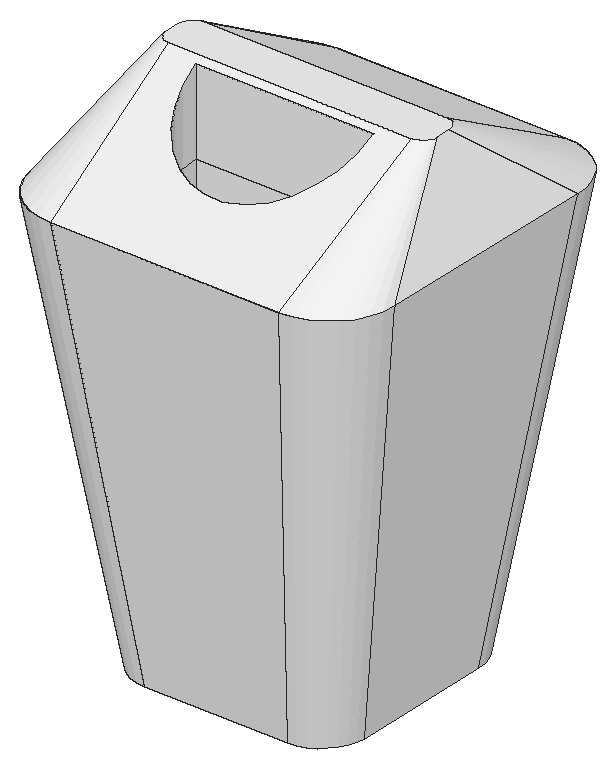
Revit family
Parameters (values of type "500 x 500 mm")
  Material of bin = Bin Material
Reference planes
  plane 1 "Center (Front/Back)": y = 0
  plane 2: z = 0
  plane 3 "Center (Left/Right)": x = 0
  plane 4: y = 250
  plane 5: y = -250
  plane 6: x = 250
  plane 7: x = -250
  plane 8: z = 725
Forms (mm)
  Blend 1, solid, material "Bin Material" <- "Material of bin"
    base sketch origin (0, 0, 0) x (1, 0, 0) y (0, 1, 0)
      loop
        arc (-100, 160) -> (-142.426, 142.426) -> (-160, 100) r 60
        line (-160, 100) -> (-160, -100)
        arc (-160, -100) -> (-142.426, -142.426) -> (-100, -160) r 60
        line (-100, -160) -> (100, -160)
        arc (100, -160) -> (142.426, -142.426) -> (160, -100) r 60
        line (160, -100) -> (160, 100)
        arc (160, 100) -> (142.426, 142.426) -> (100, 160) r 60
        line (100, 160) -> (-100, 160)
    top sketch origin (0, 0, 0) x (1, 0, 0) y (0, 1, 0)
      loop
        arc (-160, 250) -> (-223.64, 223.64) -> (-250, 160) r 90
        line (-250, 160) -> (-250, -160)
        arc (-250, -160) -> (-223.64, -223.64) -> (-160, -250) r 90
        line (-160, -250) -> (160, -250)
        arc (160, -250) -> (223.64, -223.64) -> (250, -160) r 90
        line (250, -160) -> (250, 160)
        arc (250, 160) -> (223.64, 223.64) -> (160, 250) r 90
        line (160, 250) -> (-160, 250)
    from 0 to 600
  Blend 2, solid, material "Bin Material" <- "Material of bin"
    base sketch origin (0, 0, 0) x (1, 0, 0) y (0, 1, 0)
      loop
        line (160, 250) -> (-160, 250)
        arc (-160, 250) -> (-223.64, 223.64) -> (-250, 160) r 90
        line (-250, 160) -> (-250, -160)
        arc (-250, -160) -> (-223.64, -223.64) -> (-160, -250) r 90
        line (-160, -250) -> (160, -250)
        arc (160, -250) -> (223.64, -223.64) -> (250, -160) r 90
        line (250, -160) -> (250, 160)
        arc (250, 160) -> (223.64, 223.64) -> (160, 250) r 90
    top sketch origin (0, 0, 0) x (1, 0, 0) y (0, 1, 0)
      loop
        line (170, 30) -> (-170, 30)
        arc (-170, 30) -> (-184.142, 24.142) -> (-190, 10) r 20
        line (-190, 10) -> (-190, -10)
        arc (-190, -10) -> (-184.142, -24.142) -> (-170, -30) r 20
        line (-170, -30) -> (170, -30)
        arc (170, -30) -> (184.142, -24.142) -> (190, -10) r 20
        line (190, -10) -> (190, 10)
        arc (190, 10) -> (184.142, 24.142) -> (170, 30) r 20
    from 600 to 725
  Extrusion 3, void
    sketch origin (0, 0, 0) x (0, 1, 0) y (1, 0, 0)
      loop
        arc (-40, 125) -> (-165, 0) -> (-40, -125) r 125
        line (-40, -125) -> (-40, 125)
    from -100 to -725
Cuts and joins
  Extrusion 3 cuts Blend 1
  Extrusion 3 cuts Blend 2
Lines and regions (mm)
  symbolic lines
    curve 1: line (-160, 250, 0) -> (160, 250, 0)
    curve 2: arc (-250, 160, 0) -> (-223.64, 223.64, 0) -> (-160, 250, 0) r 90
    curve 3: line (-250, 160, 0) -> (-250, -160, 0)
    curve 4: arc (-160, -250, 0) -> (-223.64, -223.64, 0) -> (-250, -160, 0) r 90
    curve 5: line (-160, -250, 0) -> (160, -250, 0)
    curve 6: arc (250, -160, 0) -> (223.64, -223.64, 0) -> (160, -250, 0) r 90
    curve 7: line (250, 160, 0) -> (250, -160, 0)
    curve 8: arc (160, 250, 0) -> (223.64, 223.64, 0) -> (250, 160, 0) r 90
    curve 9: line (170, 30, 0) -> (-170, 30, 0)
    curve 10: line (-170, -30, 0) -> (170, -30, 0)
    curve 11: line (125, -40, 0) -> (-125, -40, 0)
    curve 12: arc (125, -40, 0) -> (0, -165, 0) -> (-125, -40, 0) r 125
    curve 13: arc (-170, 30, 0) -> (-184.142, 24.142, 0) -> (-190, 10, 0) r 20
    curve 14: arc (-190, -10, 0) -> (-184.142, -24.142, 0) -> (-170, -30, 0) r 20
    curve 15: line (-190, 10, 0) -> (-190, -10, 0)
    curve 16: arc (190, 10, 0) -> (184.142, 24.142, 0) -> (170, 30, 0) r 20
    curve 17: line (190, -10, 0) -> (190, 10, 0)
    curve 18: arc (170, -30, 0) -> (184.142, -24.142, 0) -> (190, -10, 0) r 20
Dimensions and locks
  plane 7 to plane 6 = 500 mm
  plane 5 to plane 4 = 500 mm
  plane 8 to level = 725 mm
  aligned and locked: Blend 2 sketch curve to Blend 1  (x8)
  aligned and locked: plane 4 to cut or joined group of Blend 1, Extrusion 3
  aligned and locked: cut or joined group of Blend 1, Extrusion 3 to plane 5
  aligned and locked: cut or joined group of Blend 1, Extrusion 3 to plane 6
  aligned and locked: plane 7 to cut or joined group of Blend 1, Extrusion 3
